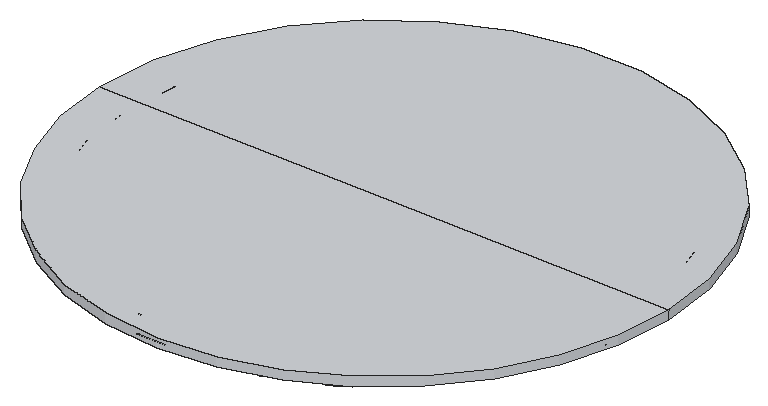
Revit family "OracDecor_R40", category Обобщенные модели, Revit 2019
Family settings
  Может служить основой для арматурных стержней = Нет
  Размер круглого соединителя = Использовать диаметр
  Тип детали = Нормальный
  На основе рабочей плоскости = Нет
  Всегда вертикально = Да
  При загрузке вырезать с полостями = Нет
  Общий = Нет
  Точка расчета площади = Нет
Parameters
  Изготовитель = "Family from POCHERTEAM"  # constant formula
  URL = "t.me/pocherteam"
Reference planes
  plane 1 "По центру (Вперед/Назад)": y = 0
  plane 2: z = 0
  plane 3 "По центру (Влево/Вправо)": x = 0
Forms (mm)
  Revolve 1, solid
    sketch origin (0, 0, 0) x (1, 0, 0) y (0, 0, 1)
      loop
        line (0, 0) -> (0, -31) -> (45, -31)
        arc (45, -31) -> (48.652, -28.389) -> (50.446, -24.274) r 8.433
        line (50.446, -24.274) -> (74.039, -24.274)
        arc (74.039, -24.274) -> (88.657, -31.887) -> (103.274, -24.274) r 17.84
        arc (103.274, -24.274) -> (112.744, -16.325) -> (124.921, -14.18) r 23.869
        arc (124.921, -14.18) -> (130.247, -17.465) -> (134.723, -21.838) r 28.333
        arc (134.723, -21.838) -> (146.394, -30.364) -> (158.066, -21.838) r 12.252
        line (158.066, -21.838) -> (168.066, -21.838)
        arc (168.066, -21.838) -> (186.27, -15.002) -> (204.473, -21.838) r 27.655
        line (204.473, -21.838) -> (210.383, -19.082)
        arc (210.383, -19.082) -> (233.66, -27.74) -> (256.938, -19.082) r 35.619
        arc (256.938, -19.082) -> (277.781, -11.329) -> (298.624, -19.082) r 31.894
        arc (298.624, -19.082) -> (312.648, -28.23) -> (326.672, -19.082) r 15.324
        arc (326.672, -19.082) -> (333.455, -14.657) -> (340.239, -19.082) r 7.413
        arc (340.239, -19.082) -> (348.287, -23.956) -> (355.613, -18.052) r 8.195
        arc (355.613, -18.052) -> (363.486, -13.436) -> (372.5, -12.011) r 24.57
        line (372.5, -12.011) -> (372.5, 0) -> (0, 0)
      axis (0, 0) -> (0, -31)
    angle from 0 to 360
Dimensions and locks
  Revolve 1 to Revolve 1 = 745 mm
  level to Revolve 1 = 12.011 mm
  aligned and locked: level to plane 2
